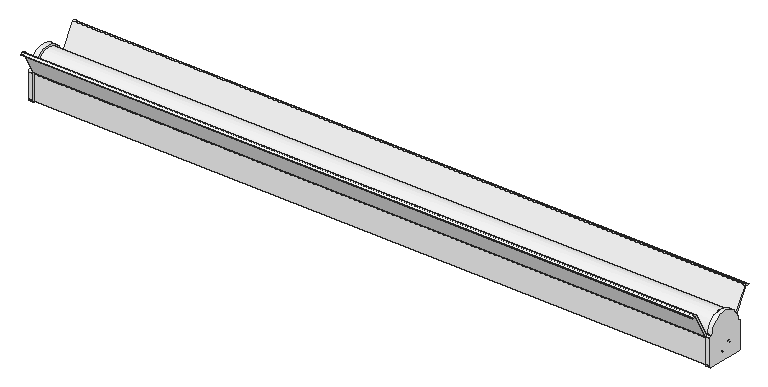
Revit family "0045196+0045233 Feilo Sylvania Lighting Fixture SYLBATTEN LED3 6000K DALI TP5 with SYMMETRIC REFLECTOR ACCESSORY 1200MM", category Lighting Fixtures, host Face, Revit 2017
Family settings
  Host = Face
  Round Connector Dimension = Use Diameter
  Part Type = Normal
  OmniClass Number = 23.80.70.00
  OmniClass Title = Lighting
  Cut with Voids When Loaded = No
  Light Source = Yes
  Shared = No
  Room Calculation Point = No
Parameters (values of type "0045196 SYLBATTEN LED3 6000K DALI TP5")
  Width_FEILO = 66 mm
  Weight = "2.6 kg"
  Wattage Comments = "n/a"
  Wattage = 26 W
  WarrantyStartDate [instance] = "n/a"
  WarrantyGuarantorParts = "n/a"
  WarrantyDurationUnit = "n/a"
  WarrantyDurationParts = "n/a"
  WarrantyDescription = "n/a"
  built-in parameter 1150110 = 1 (stored number, unit not read)
  Voltage = 230 V
  URL = "http://www.sylvania-lighting.com"
  TypeName = "SYLBATTEN LED3 6000K DALI TP5"
  Type Image = <None>
  Type Comments = "n/a"
  built-in parameter 1114217 = 1 (stored number, unit not read)
  Tilt Angle = -90.00°
  built-in parameter 1150109 = 1 (stored number, unit not read)
  built-in parameter 1150134 = 5
  SymReflector_FEILO = yes
  built-in parameter 1150113 = 1 (stored number, unit not read)
  SerialNumber [instance] = "n/a"
  PowerFactor = 0
  PowerConsumption = "26 W"
  Photometric Web File = "0045196+0045233.ies"
  NominalLength = 1205 mm
  NominalHeight = 76 mm
  NominalDepth = 66 mm
  Name = "SYLBATTEN LED3 6000K DALI TP5"
  ModelReference = Name  # "SYLBATTEN LED3 6000K DALI TP5"
  ModelNumber = "0045196"
  Model = Name  # "SYLBATTEN LED3 6000K DALI TP5"
  Material_4_FEILO = Reflector-Sylvania-Sylbatten-White
  Material_3_FEILO = Diffuser-Sylvania-Sylbatten-Glow
  Material_2_FEILO = Body-Sylvania-Sylbatten-White
  Material_1_FEILO = Body-Sylvania-Sylbatten-White
  Material = "sheet steel housing, polycarbonate diffuser"
  ManufacturerName = "Feilo Sylvania"
  Manufacturer = "Feilo Sylvania"
  LuminousEfficacy = "113 lm/W"
  built-in parameter 1150105 = 233.8 (stored number, unit not read)
  Lumens = 2938 lm
  LuminaireType = ""
  built-in parameter 1150115 = 1 (stored number, unit not read)
  LightOutputRatio = "100"
  built-in parameter 1150137 = (empty or 0)
  built-in parameter 1150139 = (empty or 0)
  Length_FEILO = 1205 mm
  LampsType = Lamp  # "LED"
  LampNominalLuminous = "2938 lm"
  LampMacAdamStep = "n/a"
  LampColourTemperature = "6000 K"
  LampColourRenderingIndex = "80"
  built-in parameter 1150112 = 1 (stored number, unit not read)
  built-in parameter 1150114 = 1 (stored number, unit not read)
  Lamp = "LED"
  Keynote = "16500"
  InstallationDate [instance] = "n/a"
  InputVoltage = "220-240V~"
  InputNominalFrequency = "n/a"
  built-in parameter 1150132 = (empty or 0)
  built-in parameter 1150102 = (empty or 0)
  built-in parameter 1150107 = 6000 (stored number, unit not read)
  built-in parameter 1150138 = (empty or 0)
  IngressProtection = "IP20"
  ImpactProtectionIndex = "IK07"
  built-in parameter 1150106 = 2.338 (stored number, unit not read)
  IfcExportType = "IfcLightFixtureType"
  IfcExportAs = "IfcLightFixtureType"
  Height_FEILO = 76 mm
  ExpectedLife = 50000
  Emit from Rectangle Width = Length_FEILO - 16 mm  # 1189 mm
  Emit from Rectangle Length = Width_FEILO - 40 mm  # 26 mm
  Emit Shape Visible in Rendering = no
  ElectricShockClassification = "Class I"
  built-in parameter 1150104 = 10.498 (stored number, unit not read)
  DurationUnit = "hours"
  DocumentationLiterature = "http://www.sylvania-lighting.com/product/en-int/products/0045196"
  DimmingControlOptions = "Dimmable"
  Dimming Lamp Color Temperature Shift = <None>
  Description = "LED batten, T8 replacement, ease of installation through 2 part push-in design of the housing (safety cable included), through wiring capability (TP5 = 5 core), sheet steel, 2938LM, 26W, 113lm/W, 6000K, drive current: 350mA, CRI 80, 138° wide beam angle, DALI dimmable, IP20, IK07, 50,000 hrs (L70), (LxWxH) 1205x66x76mm, 5 step MacAdam ellipse, 3kg, white RAL 9016, Class 1, 220-240V, energy class: A++, A+, A."
  Default Elevation = 1219.2 mm
  CreatedOn = "2/22/2018"
  CreatedBy = ""
  Cost = 0
  Color Filter = 16777215
  built-in parameter 1114216 [instance] = (empty or 0)
  ClassificationValue = "EF_70_80"
  ClassificationName = "Uniclass2015"
  CapOffset_FEILO = 2 mm
  BarCode [instance] = "n/a"
  built-in parameter 1114218 = 1 (stored number, unit not read)
  BackReflector_FEILO = and(not(AsymReflector_FEILO), SymReflector_FEILO)  # yes
  built-in parameter 1150133 = 10 (stored number, unit not read)
  FrontReflector_FEILO = or(AsymReflector_FEILO, SymReflector_FEILO)  # yes
  AsymReflector_FEILO = no
  AssetType = "Fixed"
  AssetIdentifier [instance] = "n/a"
  Assembly Code = "D5020200"
  Apparent Load = 26 VA
Reference planes
  plane 1 "Center (Front/Back)": y = 0
  plane 2: z = 0
  plane 3 "Center (Left/Right)": x = 0
  plane 4: x = 602.5
  plane 5: x = -602.5
  plane 6: y = 33
  plane 7: y = -33
  plane 8: z = 76
  plane 9: z = 47
  plane 10: y = -29
  plane 11: y = 29
  plane 12: z = 20
  plane 13: z = 74
  plane 14: y = -31
  plane 15: y = -27
  plane 16: y = 27
  plane 17: y = 31
  plane 18: z = 2
  plane 19: x = -594.5
  plane 20: x = 594.5
  plane 21: z = 49
  plane 22: y = 1
  plane 23: y = -1
  plane 24: z = 21
  plane 25: z = 19
  plane 26: y = -61
  plane 27: y = 61
  plane 28: y = -56
  plane 29: y = 56
  plane 30: z = 91
  plane 31: z = 88
Forms (mm)
  Extrusion 1, solid, material "Body-Sylvania-Sylbatten-White" <- "Material_2_FEILO"
    sketch origin (0, 0, 0) x (0, 1, 0) y (0, 0, 1)
      loop
        line (-31, 2) -> (31, 2) -> (31, 45)
        arc (31, 45) -> (30.414, 46.414) -> (29, 47) r 2
        line (29, 47) -> (27, 47)
        arc (27, 47) -> (0, 74) -> (-27, 47) r 27
        line (-27, 47) -> (-29, 47)
        arc (-29, 47) -> (-30.414, 46.414) -> (-31, 45) r 2
        line (-31, 45) -> (-31, 2)
    from -594.5 to 594.5
  Extrusion 2, solid, material "Body-Sylvania-Sylbatten-White" <- "Material_2_FEILO"
    sketch origin (602.5, 1524, 1219.2) x (0, 1, 0) y (0, 0, 1)
      loop
        arc (-1494, -1219.2) -> (-1491.879, -1218.321) -> (-1491, -1216.2) r 3
        line (-1491, -1216.2) -> (-1491, -1173.2)
        arc (-1491, -1173.2) -> (-1491.879, -1171.079) -> (-1494, -1170.2) r 3
        line (-1494, -1170.2) -> (-1495.069, -1170.2)
        arc (-1495.069, -1170.2) -> (-1524, -1143.2) -> (-1552.931, -1170.2) r 29
        line (-1552.931, -1170.2) -> (-1554, -1170.2)
        arc (-1554, -1170.2) -> (-1556.121, -1171.079) -> (-1557, -1173.2) r 3
        line (-1557, -1173.2) -> (-1557, -1216.2)
        arc (-1557, -1216.2) -> (-1556.121, -1218.321) -> (-1554, -1219.2) r 3
        line (-1554, -1219.2) -> (-1494, -1219.2)
      loop
        arc (-1525, -1189.25) -> (-1531.071, -1192.129) -> (-1533.95, -1198.2) r 10
        line (-1533.95, -1198.2) -> (-1532.944, -1198.2)
        arc (-1532.944, -1198.2) -> (-1530.364, -1192.836) -> (-1525, -1190.256) r 9
        line (-1525, -1190.256) -> (-1525, -1189.25)
      loop
        arc (-1523, -1190.256) -> (-1517.636, -1192.836) -> (-1515.056, -1198.2) r 9
        line (-1515.056, -1198.2) -> (-1514.05, -1198.2)
        arc (-1514.05, -1198.2) -> (-1516.929, -1192.129) -> (-1523, -1189.25) r 10
        line (-1523, -1189.25) -> (-1523, -1190.256)
      loop
        line (-1532.944, -1200.2) -> (-1533.95, -1200.2)
        arc (-1533.95, -1200.2) -> (-1531.071, -1206.271) -> (-1525, -1209.15) r 10
        line (-1525, -1209.15) -> (-1525, -1208.144)
        arc (-1525, -1208.144) -> (-1530.364, -1205.564) -> (-1532.944, -1200.2) r 9
      loop
        arc (-1515.056, -1200.2) -> (-1517.636, -1205.564) -> (-1523, -1208.144) r 9
        line (-1523, -1208.144) -> (-1523, -1209.15)
        arc (-1523, -1209.15) -> (-1516.929, -1206.271) -> (-1514.05, -1200.2) r 10
        line (-1514.05, -1200.2) -> (-1515.056, -1200.2)
    from 0 to -8
  Extrusion 3, solid, material "Body-Sylvania-Sylbatten-White" <- "Material_2_FEILO"
    sketch origin (-602.5, 1524, 1219.2) x (0, 1, 0) y (0, 0, 1)
      loop
        arc (-1495.069, -1170.2) -> (-1524, -1143.2) -> (-1552.931, -1170.2) r 29
        line (-1552.931, -1170.2) -> (-1554, -1170.2)
        arc (-1554, -1170.2) -> (-1556.121, -1171.079) -> (-1557, -1173.2) r 3
        line (-1557, -1173.2) -> (-1557, -1216.2)
        arc (-1557, -1216.2) -> (-1556.121, -1218.321) -> (-1554, -1219.2) r 3
        line (-1554, -1219.2) -> (-1494, -1219.2)
        arc (-1494, -1219.2) -> (-1491.879, -1218.321) -> (-1491, -1216.2) r 3
        line (-1491, -1216.2) -> (-1491, -1173.2)
        arc (-1491, -1173.2) -> (-1491.879, -1171.079) -> (-1494, -1170.2) r 3
        line (-1494, -1170.2) -> (-1495.069, -1170.2)
      loop
        line (-1533.95, -1198.2) -> (-1532.944, -1198.2)
        arc (-1532.944, -1198.2) -> (-1530.364, -1192.836) -> (-1525, -1190.256) r 9
        line (-1525, -1190.256) -> (-1525, -1189.25)
        arc (-1525, -1189.25) -> (-1531.071, -1192.129) -> (-1533.95, -1198.2) r 10
      loop
        line (-1523, -1189.25) -> (-1523, -1190.256)
        arc (-1523, -1190.256) -> (-1517.636, -1192.836) -> (-1515.056, -1198.2) r 9
        line (-1515.056, -1198.2) -> (-1514.05, -1198.2)
        arc (-1514.05, -1198.2) -> (-1516.929, -1192.129) -> (-1523, -1189.25) r 10
      loop
        line (-1514.05, -1200.2) -> (-1515.056, -1200.2)
        arc (-1515.056, -1200.2) -> (-1517.636, -1205.564) -> (-1523, -1208.144) r 9
        line (-1523, -1208.144) -> (-1523, -1209.15)
        arc (-1523, -1209.15) -> (-1516.929, -1206.271) -> (-1514.05, -1200.2) r 10
      loop
        line (-1525, -1209.15) -> (-1525, -1208.144)
        arc (-1525, -1208.144) -> (-1530.364, -1205.564) -> (-1532.944, -1200.2) r 9
        line (-1532.944, -1200.2) -> (-1533.95, -1200.2)
        arc (-1533.95, -1200.2) -> (-1531.071, -1206.271) -> (-1525, -1209.15) r 10
    from 0 to 8
  Extrusion 4, solid, material "Reflector-Sylvania-Sylbatten-White" <- "Material_4_FEILO", visible <- "FrontReflector_FEILO"
    sketch origin (0, 0, 0) x (0, 1, 0) y (0, 0, 1)
      loop
        line (-61.257, 88.429) -> (-60.743, 87.571) -> (-56.621, 90.044)
        arc (-56.621, 90.044) -> (-56.237, 90.099) -> (-55.929, 89.863) r 0.5
        line (-55.929, 89.863) -> (-31.435, 46.753) -> (-30.565, 47.247) -> (-55.312, 90.802)
        arc (-55.312, 90.802) -> (-55.928, 91.275) -> (-56.696, 91.165) r 1
        line (-56.696, 91.165) -> (-61.257, 88.429)
    from -594.5 to 594.5
  Extrusion 5, solid, material "Reflector-Sylvania-Sylbatten-White" <- "Material_4_FEILO", visible <- "BackReflector_FEILO"
    sketch origin (0, 0, 0) x (0, 1, 0) y (0, 0, 1)
      loop
        line (30.565, 47.247) -> (31.435, 46.753) -> (55.932, 89.868)
        arc (55.932, 89.868) -> (56.245, 90.112) -> (56.638, 90.062) r 0.518
        line (56.638, 90.062) -> (61.033, 87.565) -> (61.527, 88.435) -> (56.682, 91.188)
        arc (56.682, 91.188) -> (55.922, 91.282) -> (55.318, 90.812) r 1
        line (55.318, 90.812) -> (30.565, 47.247)
    from -594.5 to 594.5
Lines and regions (mm)
  reference lines
    curve 1: line (0, -61, 88) -> (0, -56, 91)
    curve 2: line (0, -56, 91) -> (0, -31, 47)
    curve 3: line (0, 31, 47) -> (0, 56, 91)
    curve 4: line (0, 56, 91) -> (0, 61.28, 88)
Dimensions and locks
  equal spacing: plane 5, plane 3 "Center (Left/Right)", plane 4
  equal spacing: plane 7, plane 1 "Center (Front/Back)", plane 6
  "Width_FEILO": plane 7 to plane 6
  "Length_FEILO": plane 5 to plane 4
  "Height_FEILO": plane 8 to plane 2
  locked: plane 9 to plane 8 at 29
  equal spacing: plane 10, plane 1 "Center (Front/Back)", plane 11
  locked: plane 7 to plane 10 at 4
  locked: plane 12 to plane 2 at 20
  "CapOffset_FEILO": plane 13 to plane 8
  "CapOffset_FEILO": plane 7 to plane 14
  "CapOffset_FEILO": plane 10 to plane 15
  "CapOffset_FEILO": plane 17 to plane 6
  "CapOffset_FEILO": plane 16 to plane 11
  "CapOffset_FEILO": plane 18 to plane 2
  locked: plane 14 to Extrusion 1 sketch curve at 2
  locked: Extrusion 1 sketch curve to plane 9 at 2  (x2)
  locked: plane 16 to Extrusion 1 sketch curve at 2
  equal spacing: plane 19, plane 3 "Center (Left/Right)", plane 20
  locked: plane 5 to plane 19 at 8
  "CapOffset_FEILO": plane 9 to plane 21
  locked: Extrusion 2 sketch curve to plane 2 at 47
  locked: Extrusion 1 sketch curve to plane 2 at 47
  locked: Extrusion 2 sketch curve to plane 2 at 3  (x2)
  locked: plane 7 to Extrusion 2 sketch curve at 3  (x2)
  locked: Extrusion 2 sketch curve to plane 6 at 3  (x2)
  locked: Extrusion 2 sketch curve to plane 21 at 3  (x2)
  equal spacing: plane 23, plane 1 "Center (Front/Back)", plane 22
  equal spacing: plane 25, plane 12, plane 24
  plane 30 to plane 31 to plane 2 = 3 mm locked, 88 mm locked
  plane 28 to plane 29 = 112 mm
  plane 26 to plane 27 = 122 mm
  aligned and locked: plane 2 to host face
  aligned and locked: level to host face
  aligned and locked: plane 18 to Extrusion 1 sketch curve
  aligned and locked: plane 14 to Extrusion 1 sketch curve
  aligned and locked: Extrusion 1 sketch curve to plane 9  (x2)
  aligned and locked: Extrusion 1 sketch curve to plane 17
  aligned and locked: plane 15 to Extrusion 1 sketch curve
  aligned and locked: plane 16 to Extrusion 1 sketch curve
  aligned and locked: plane 9 to Extrusion 1 sketch curve
  aligned and locked: plane 20 to Extrusion 1
  aligned and locked: level to Extrusion 2 sketch curve
  aligned and locked: Extrusion 2 sketch curve to plane 7
  aligned and locked: plane 21 to Extrusion 2 sketch curve
  aligned and locked: Extrusion 2 sketch curve to plane 21
  aligned and locked: plane 1 "Center (Front/Back)" to Extrusion 2 sketch curve  (x3)
  aligned and locked: Extrusion 2 to Extrusion 1
  aligned and locked: plane 4 to Extrusion 2
  aligned and locked: plane 12 to Extrusion 2 sketch curve  (x2)
  aligned and locked: Extrusion 2 sketch curve to plane 22
  aligned and locked: Extrusion 2 sketch curve to plane 23
  aligned and locked: Extrusion 2 sketch curve to plane 24
  aligned and locked: Extrusion 2 sketch curve to plane 25
  aligned and locked: plane 25 to Extrusion 2 sketch curve
  aligned and locked: plane 22 to Extrusion 2 sketch curve
  aligned and locked: plane 24 to Extrusion 2 sketch curve
  aligned and locked: plane 23 to Extrusion 2 sketch curve  (x2)
  aligned and locked: Extrusion 3 sketch curve to Extrusion 2  (x22)
  aligned and locked: Extrusion 3 to Extrusion 1
  aligned and locked: Extrusion 3 to plane 5
  aligned and locked: plane 19 to Extrusion 3
  aligned and locked: plane 31 to curve 1
  aligned and locked: plane 30 to curve 1
  aligned and locked: plane 14 to curve 2
  aligned and locked: plane 9 to curve 2
  aligned and locked: plane 17 to curve 3
  aligned and locked: plane 30 to curve 3
  aligned and locked: plane 31 to curve 4
  aligned and locked: Extrusion 4 sketch curve to curve 2
  aligned and locked: Extrusion 4 sketch curve to curve 1
  aligned and locked: Extrusion 4 to Extrusion 1
  aligned and locked: Extrusion 1 to Extrusion 4
  aligned and locked: imposter light to plane 1 "Center (Front/Back)"
  aligned and locked: imposter light to plane 3 "Center (Left/Right)"
  aligned and locked: imposter light to plane 13
  aligned and locked: Extrusion 5 sketch curve to curve 4
  aligned and locked: Extrusion 5 sketch curve to curve 3
  aligned and locked: Extrusion 1 to Extrusion 5
  aligned and locked: Extrusion 5 to Extrusion 1
Automatic sketch dimensions
  host sketch curve to host sketch curve = 2438.4 mm  (x2)
  Extrusion 2 sketch curve to Extrusion 2 sketch curve = 0 mm  (x14)
  Extrusion 2 sketch curve to plane 10 = 0.069 mm
  plane 23 to Extrusion 2 sketch curve = 8.95 mm
  Extrusion 2 sketch curve to Extrusion 2 sketch curve = 1.006 mm  (x4)
  Extrusion 2 sketch curve to plane 22 = 7.944 mm
  curve 1 to plane 26 = 0 mm
  curve 2 to plane 28 = 0 mm
  curve 4 to plane 29 = 0 mm
  plane 9 to curve 3 = 0 mm
  plane 26 to Extrusion 4 sketch curve = 0.257 mm
  Extrusion 4 sketch curve to plane 26 = 0.257 mm
  Extrusion 4 sketch curve to plane 30 = 0.165 mm
  plane 28 to Extrusion 4 sketch curve = 0.696 mm
  plane 28 to Extrusion 4 sketch curve = 0.621 mm
  plane 28 to Extrusion 4 sketch curve = 0.364 mm
  plane 28 to Extrusion 4 sketch curve = 0.182 mm
  Extrusion 4 sketch curve to plane 28 = 0.071 mm
  plane 30 to Extrusion 4 sketch curve = 0.198 mm
  Extrusion 4 sketch curve to plane 28 = 0.688 mm
  plane 9 to Extrusion 4 sketch curve = 0.247 mm
  plane 1 "Center (Front/Back)" to Extrusion 4 sketch curve = 31.435 mm
  Extrusion 5 sketch curve to plane 9 = 0.247 mm
  Extrusion 5 sketch curve to plane 1 "Center (Front/Back)" = 30.565 mm
  plane 9 to Extrusion 5 sketch curve = 0.247 mm
  plane 30 to Extrusion 5 sketch curve = 0.188 mm
  plane 29 to Extrusion 5 sketch curve = 0.068 mm
  Extrusion 5 sketch curve to plane 29 = 0.188 mm
  Extrusion 5 sketch curve to plane 29 = 0.382 mm
  Extrusion 5 sketch curve to Extrusion 5 sketch curve = 0.256 mm
  Extrusion 5 sketch curve to plane 30 = 0.188 mm
  Extrusion 5 sketch curve to plane 29 = 0.682 mm
  Extrusion 5 sketch curve to plane 27 = 0.033 mm
  Extrusion 5 sketch curve to plane 27 = 0.527 mm
Connectors
  electrical at (0, 0, 0), driven by "Apparent Load", driven by "PowerFactor", driven by "Voltage"
    settings: index 1, voltage 230 V, apparent load 26 VA, apparent load phase1 0 VA, apparent load phase2 0 VA, apparent load phase3 0 VA, power factor 0, load classification "Lighting", number of poles 1, system type 30, power factor state 1, is connector primary yes, connector utility no, sub classification motor no, connector description ""
